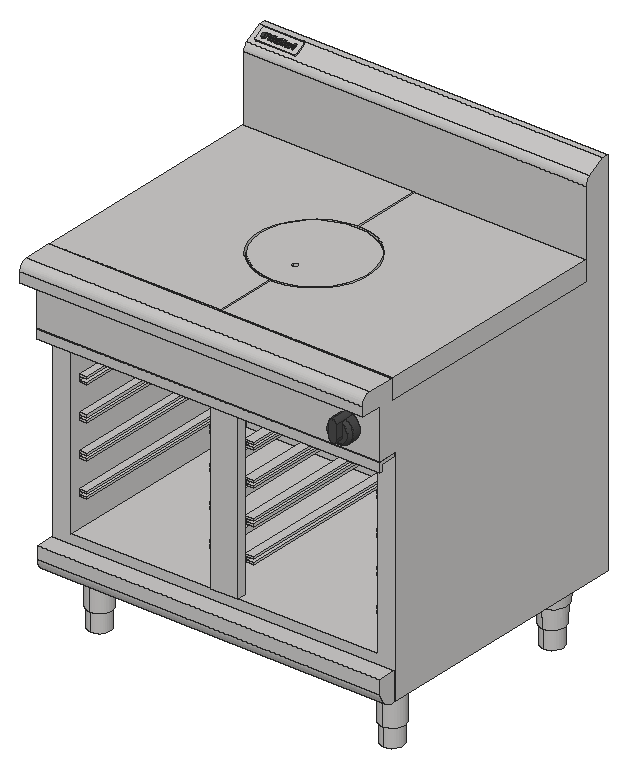
Revit family "QF_MOFFAT WALDORF_RN8100G-CB", category Specialty Equipment, Revit 2012
Parameters
  Width = 900 mm
  Weight in Pounds = 489.4256
  URL Cutsheet = "www.moffat.com"
  URL = "www.moffat.com"
  Type Mark [instance] = ""
  Status [instance] = ""
  Specification by User [instance] = ""
  Specification by Manufacturer = ""
  Show Logo [instance] = yes
  Show Clearance [instance] = yes
  Serial Number = ""
  Seismic Rating = ""
  SMACNA No = ""
  Revision Code [instance] = ""
  Omniclass Number and Title = ""
  NAFEM Spec ID Number = ""
  Model = "RN8100G-CB"
  Mechanical Remarks = ""
  Mechanical Connection Type [instance] = ""
  Masterspec = ""
  Manufacturer = "MOFFAT WALDORF"
  Item Number [instance] = ""
  Installed By [instance] = ""
  Identify Quantity as Lot [instance] = yes
  Height = 1130 mm
  Gas Size = 3/4"
  Gas RI Height [instance] = 0 mm
  Gas KW [instance] = 12.5
  Gas Input [instance] = 42652.0 Btu/h
  Gas Connection Height = 0 mm
  Furnished By [instance] = ""
  Foodservice Equipment Identifier [instance] = yes
  Description = "TARGET TOP GAS HOB ON CABINET BASE"
  Depth = 805 mm
  CSI MasterFormat = ""
  CSI Master Format = ""
Reference planes
  plane 1 "BACK": y = 0
  plane 2: z = 0
  plane 3 "LEFT": x = 0
  plane 4 "RIGHT": x = 900
  plane 5 "FRONT": y = -805
  plane 6 "TOP": z = 1130
  plane 7 "Center Y": x = 450
  plane 8 "Center X": y = -402.5
  plane 9: x = 280
  plane 10: y = -574.272
  plane 11: x = 60
  plane 12: y = -304.972
  plane 13: y = -364.972
  plane 14: x = 74
  plane 15: y = -805
  plane 16: x = 834.5
  plane 17: y = -32
  plane 18: z = 655
Forms (mm)
  Extrusion 1, solid, material "QF_Finishes_Stainless Steel"
    sketch origin (0, 0, 0) x (0, 1, 0) y (0, 0, 1)
      loop
        line (0, 150) -> (0, 1130) -> (-16.5, 1130) -> (-58.709, 1105.631)
        arc (-58.709, 1105.631) -> (-66.975, 1097.365) -> (-70, 1086.074) r 22.582
        line (-70, 1086.074) -> (-70, 861.8) -> (-709, 861.8) -> (-709, 915) -> (-781, 915)
        arc (-781, 915) -> (-797.971, 907.971) -> (-805, 891) r 24
        line (-805, 891) -> (-805, 866) -> (-749, 866) -> (-749, 736.219) -> (-696.73, 736.219) -> (-696.73, 150) -> (0, 150)
      loop
        line (-700.93, 150.071) -> (-700.93, 222.5) -> (-746.73, 222.5) -> (-746.73, 188)
        arc (-746.73, 188) -> (-731.317, 159.995) -> (-700.93, 150.071) r 43.526
      loop
        line (-749, 710) -> (-742.613, 710) -> (-742.613, 726.999) -> (-700.93, 726.999) -> (-700.93, 734.003) -> (-749, 734.003) -> (-749, 710)
    from 0 to 900
  Extrusion 2, solid, material "QF_Finishes_Stainless Steel"
    sketch origin (0, 0, 0) x (0, 1, 0) y (0, 0, 1)
      loop
        line (-72.734, 915) -> (-705.7, 915) -> (-705.7, 862.8) -> (-72.734, 862.8) -> (-72.734, 915)
    from 0 to 900
  Revolve 3, solid, material "QF_Finishes_Black"
    sketch origin (824.351, 38.874, 1.132) x (0, 1, 0) y (0, 0, 1)
      loop
        line (-820.874, 829.5) -> (-831.874, 823.651) -> (-831.874, 797) -> (-787.874, 797) -> (-787.874, 802) -> (-797.874, 802) -> (-797.874, 829.5) -> (-820.874, 829.5)
      axis (-831.874, 797) -> (-787.874, 797)
    angle from 0 to 360
  Extrusion 4, solid, material "QF_Finishes_Black"
    sketch origin (676.544, 0, 1.132) x (1, 0, 0) y (0, 0, 1)
      loop
        line (158.3, 789) -> (158.3, 824)
        arc (158.3, 824) -> (148.3, 834) -> (138.3, 824) r 10
        line (138.3, 824) -> (138.3, 789)
        arc (138.3, 789) -> (148.3, 779) -> (158.3, 789) r 10
    from 759 to 808
  Extrusion 5, void
    sketch origin (0, -138, 915) x (1, 0, 0) y (0, -1, 0)
      loop
        circle (450, 262.2) r 140
      loop
        arc (452.2, 117.22) -> (594.802, 262.404) -> (451.798, 407.193) r 145.003
        line (451.798, 407.193) -> (451.798, 567.7) -> (447.7, 567.7) -> (447.7, 407.17)
        arc (447.7, 407.17) -> (305.533, 262.063) -> (447.967, 117.217) r 145.002
        line (447.967, 117.217) -> (447.967, -65.266) -> (452.2, -65.266) -> (452.2, 117.22)
      loop
        circle (450, 324.79) r 7.524
    from 0 to 10
  Revolve 6, solid, material "QF_Finishes_Stainless Steel"
    sketch origin (834.5, -165, 0) x (0, 1, 0) y (0, 0, -1)
      loop
        line (33.25, -50) -> (31.418, -102.468) -> (26.406, -102.468) -> (22.247, -150) -> (65, -150) -> (65, 0) -> (37.5, 0) -> (37.5, -50) -> (33.25, -50)
      axis (65, -150) -> (65, 0)
    angle from 0 to 360
  Revolve 7, solid, material "QF_Finishes_Stainless Steel"
    sketch origin (834.5, -696.126, 0) x (0, 1, 0) y (0, 0, -1)
      loop
        line (39.376, -150) -> (71.126, -150) -> (71.126, 0) -> (43.626, 0) -> (43.626, -50) -> (39.376, -50) -> (39.376, -150)
      axis (71.126, -150) -> (71.126, 0)
    angle from 0 to 360
  Revolve 8, solid, material "QF_Finishes_Stainless Steel"
    sketch origin (65.5, -165, 0) x (0, 1, 0) y (0, 0, 1)
      loop
        line (31.418, 102.468) -> (33.25, 50) -> (37.5, 50) -> (37.5, 0) -> (65, 0) -> (65, 150) -> (22.247, 150) -> (26.406, 102.468) -> (31.418, 102.468)
      axis (65, 150) -> (65, 0)
    angle from 0 to 360
  Revolve 9, solid, material "QF_Finishes_Stainless Steel"
    sketch origin (65.5, -696.126, 0) x (0, 1, 0) y (0, 0, 1)
      loop
        line (39.376, 150) -> (39.376, 50) -> (43.626, 50) -> (43.626, 0) -> (71.126, 0) -> (71.126, 150) -> (39.376, 150)
      axis (71.126, 150) -> (71.126, 0)
    angle from 0 to 360
  Extrusion 10, solid, material "QF_Finishes_Stainless Steel"
    sketch origin (-64.5, 0, 325) x (1, 0, 0) y (0, 1, 0)
      loop
        circle (834.5, -32) r 10
    from 330 to 411.219
  Extrusion 11, void
    sketch origin (0, -696.73, 640) x (0, 0, -1) y (-1, 0, 0)
      loop
        line (395.98, -46.922) -> (-39.02, -46.922) -> (-39.02, -853.078) -> (395.98, -853.078) -> (395.98, -46.922)
    from 0 to 573.593
  Extrusion 12, solid, material "QF_Finishes_Stainless Steel"
    sketch origin (0, -696.73, 640) x (0, 0, 1) y (-1, 0, 0)
      loop
        line (39.02, -485) -> (39.02, -415) -> (-395.98, -415) -> (-395.98, -485) -> (39.02, -485)
    from 0 to -25
  Extrusion 13, solid, material "QF_Finishes_Stainless Steel"
    sketch origin (0, -696.73, 640) x (0, 0, 1) y (-1, 0, 0)
      loop
        line (-30, -415) -> (-30, -392.5) -> (-35, -392.5) -> (-35, -410) -> (-42.5, -410) -> (-42.5, -392.5) -> (-47.5, -392.5) -> (-47.5, -415) -> (-30, -415)
      loop
        line (-120, -415) -> (-120, -392.5) -> (-125, -392.5) -> (-125, -410) -> (-132.5, -410) -> (-132.5, -392.5) -> (-137.5, -392.5) -> (-137.5, -415) -> (-120, -415)
      loop
        line (-210, -415) -> (-210, -392.5) -> (-215, -392.5) -> (-215, -410) -> (-222.5, -410) -> (-222.5, -392.5) -> (-227.5, -392.5) -> (-227.5, -415) -> (-210, -415)
      loop
        line (-300, -415) -> (-300, -392.5) -> (-305, -392.5) -> (-305, -410) -> (-312.5, -410) -> (-312.5, -392.5) -> (-317.5, -392.5) -> (-317.5, -415) -> (-300, -415)
      loop
        line (-30, -485) -> (-47.5, -485) -> (-47.5, -507.5) -> (-42.5, -507.5) -> (-42.5, -490) -> (-35, -490) -> (-35, -507.5) -> (-30, -507.5) -> (-30, -485)
      loop
        line (-120, -485) -> (-137.5, -485) -> (-137.5, -507.5) -> (-132.5, -507.5) -> (-132.5, -490) -> (-125, -490) -> (-125, -507.5) -> (-120, -507.5) -> (-120, -485)
      loop
        line (-210, -485) -> (-227.5, -485) -> (-227.5, -507.5) -> (-222.5, -507.5) -> (-222.5, -490) -> (-215, -490) -> (-215, -507.5) -> (-210, -507.5) -> (-210, -485)
      loop
        line (-300, -485) -> (-317.5, -485) -> (-317.5, -507.5) -> (-312.5, -507.5) -> (-312.5, -490) -> (-305, -490) -> (-305, -507.5) -> (-300, -507.5) -> (-300, -485)
      loop
        line (-30, -46.922) -> (-47.5, -46.922) -> (-47.5, -69.422) -> (-42.5, -69.422) -> (-42.5, -51.922) -> (-35, -51.922) -> (-35, -69.422) -> (-30, -69.422) -> (-30, -46.922)
      loop
        line (-120, -46.922) -> (-137.5, -46.922) -> (-137.5, -69.422) -> (-132.5, -69.422) -> (-132.5, -51.922) -> (-125, -51.922) -> (-125, -69.422) -> (-120, -69.422) -> (-120, -46.922)
      loop
        line (-210, -46.922) -> (-227.5, -46.922) -> (-227.5, -69.422) -> (-222.5, -69.422) -> (-222.5, -51.922) -> (-215, -51.922) -> (-215, -69.422) -> (-210, -69.422) -> (-210, -46.922)
      loop
        line (-300, -46.922) -> (-317.5, -46.922) -> (-317.5, -69.422) -> (-312.5, -69.422) -> (-312.5, -51.922) -> (-305, -51.922) -> (-305, -69.422) -> (-300, -69.422) -> (-300, -46.922)
      loop
        line (-30, -853.078) -> (-30, -830.578) -> (-35, -830.578) -> (-35, -848.078) -> (-42.5, -848.078) -> (-42.5, -830.578) -> (-47.5, -830.578) -> (-47.5, -853.078) -> (-30, -853.078)
      loop
        line (-120, -853.078) -> (-120, -830.578) -> (-125, -830.578) -> (-125, -848.078) -> (-132.5, -848.078) -> (-132.5, -830.578) -> (-137.5, -830.578) -> (-137.5, -853.078) -> (-120, -853.078)
      loop
        line (-210, -853.078) -> (-210, -830.578) -> (-215, -830.578) -> (-215, -848.078) -> (-222.5, -848.078) -> (-222.5, -830.578) -> (-227.5, -830.578) -> (-227.5, -853.078) -> (-210, -853.078)
      loop
        line (-300, -853.078) -> (-300, -830.578) -> (-305, -830.578) -> (-305, -848.078) -> (-312.5, -848.078) -> (-312.5, -830.578) -> (-317.5, -830.578) -> (-317.5, -853.078) -> (-300, -853.078)
    from -25 to -573.593
  Extrusion 14, void
    sketch origin (0, 0, 0) x (1, 0, 0) y (0, 1, 0)
      loop
        line (832.738, -87.26) -> (832.738, 30.24) -> (703.238, 30.24) -> (703.238, -38.76) -> (751.738, -87.26) -> (832.738, -87.26)
    from 222.5 to 736.219
Cuts and joins
  Extrusion 5, Extrusion 11 cuts Extrusion 1
  Extrusion 5 cuts Extrusion 2
Lines and regions (mm)
  Split face 1
    outline origin (0, -16.5, 1130) x (0, -0.866025, -0.5) y (1, 0, 0)
      loop
        line (1.962, 129.583) -> (34.599, 129.583) -> (34.599, 149.583) -> (1.962, 149.583) -> (1.962, 129.583)
  Split face 2
    outline origin (0, -16.5, 1130) x (0, -0.866025, -0.5) y (1, 0, 0)
      loop
        line (34.599, 156.5) -> (34.599, 176.5) -> (1.962, 176.5) -> (1.962, 156.5) -> (34.599, 156.5)
  Split face 3
    outline origin (0, -16.5, 1130) x (0, -0.866025, -0.5) y (1, 0, 0)
      loop
        line (34.599, 203.5) -> (1.962, 203.5) -> (1.962, 183.5) -> (34.599, 183.5) -> (34.599, 203.5)
  Split face 4
    outline origin (0, -16.5, 1130) x (0, -0.866025, -0.5) y (1, 0, 0)
      loop
        line (34.599, 230.5) -> (1.962, 230.5) -> (1.962, 210.5) -> (34.599, 210.5) -> (34.599, 230.5)
  Split face 5
    outline origin (0, -16.5, 1130) x (0, -0.866025, -0.5) y (1, 0, 0)
      loop
        line (34.599, 257.5) -> (1.962, 257.5) -> (1.962, 237.5) -> (34.599, 237.5) -> (34.599, 257.5)
  Split face 6
    outline origin (0, -16.5, 1130) x (0, -0.866025, -0.5) y (1, 0, 0)
      loop
        line (34.599, 264.5) -> (34.599, 284.5) -> (1.962, 284.5) -> (1.962, 264.5) -> (34.599, 264.5)
  Split face 7
    outline origin (0, -16.5, 1130) x (0, -0.866025, -0.5) y (1, 0, 0)
      loop
        line (34.599, 311.5) -> (1.962, 311.5) -> (1.962, 291.5) -> (34.599, 291.5) -> (34.599, 311.5)
  Split face 8
    outline origin (0, -16.5, 1130) x (0, -0.866025, -0.5) y (1, 0, 0)
      loop
        line (1.962, 638.5) -> (1.962, 618.5) -> (34.599, 618.5) -> (34.599, 638.5) -> (1.962, 638.5)
  Split face 9
    outline origin (0, -16.5, 1130) x (0, -0.866025, -0.5) y (1, 0, 0)
      loop
        line (1.962, 645.5) -> (34.599, 645.5) -> (34.599, 665.5) -> (1.962, 665.5) -> (1.962, 645.5)
  Split face 10
    outline origin (0, -16.5, 1130) x (0, -0.866025, -0.5) y (1, 0, 0)
      loop
        line (34.599, 672.5) -> (34.599, 692.5) -> (1.962, 692.5) -> (1.962, 672.5) -> (34.599, 672.5)
  Split face 11
    outline origin (0, -16.5, 1130) x (0, -0.866025, -0.5) y (1, 0, 0)
      loop
        line (34.599, 699.5) -> (34.599, 719.5) -> (1.962, 719.5) -> (1.962, 699.5) -> (34.599, 699.5)
  Split face 12
    outline origin (0, -16.5, 1130) x (0, -0.866025, -0.5) y (1, 0, 0)
      loop
        line (34.599, 726.5) -> (34.599, 746.5) -> (1.962, 746.5) -> (1.962, 726.5) -> (34.599, 726.5)
  Split face 13
    outline origin (0, -16.5, 1130) x (0, -0.866025, -0.5) y (1, 0, 0)
      loop
        line (1.962, 753.5) -> (34.599, 753.5) -> (34.599, 773.5) -> (1.962, 773.5) -> (1.962, 753.5)
  Split face 14
    outline origin (29.312, -16.5, 1130) x (0, -0.866025, -0.5) y (1, 0, 0)
      loop
        line (34.599, 311.5) -> (1.962, 311.5) -> (1.962, 291.5) -> (34.599, 291.5) -> (34.599, 311.5)
  Split face 15
    outline origin (58.539, -16.5, 1130) x (0, -0.866025, -0.5) y (1, 0, 0)
      loop
        line (34.599, 311.5) -> (1.962, 311.5) -> (1.962, 291.5) -> (34.599, 291.5) -> (34.599, 311.5)
  Split face 16
    outline origin (85.538, -16.5, 1130) x (0, -0.866025, -0.5) y (1, 0, 0)
      loop
        line (34.599, 311.5) -> (1.962, 311.5) -> (1.962, 291.5) -> (34.599, 291.5) -> (34.599, 311.5)
  Split face 17
    outline origin (111.014, -16.5, 1130) x (0, -0.866025, -0.5) y (1, 0, 0)
      loop
        line (34.599, 311.5) -> (1.962, 311.5) -> (1.962, 291.5) -> (34.599, 291.5) -> (34.599, 311.5)
  Split face 18
    outline origin (137.462, -16.5, 1130) x (0, -0.866025, -0.5) y (1, 0, 0)
      loop
        line (34.599, 311.5) -> (1.962, 311.5) -> (1.962, 291.5) -> (34.599, 291.5) -> (34.599, 311.5)
  Split face 19
    outline origin (163.546, -16.5, 1130) x (0, -0.866025, -0.5) y (1, 0, 0)
      loop
        line (34.599, 311.5) -> (1.962, 311.5) -> (1.962, 291.5) -> (34.599, 291.5) -> (34.599, 311.5)
  Split face 20
    outline origin (189.443, -16.5, 1130) x (0, -0.866025, -0.5) y (1, 0, 0)
      loop
        line (34.599, 311.5) -> (1.962, 311.5) -> (1.962, 291.5) -> (34.599, 291.5) -> (34.599, 311.5)
  Split face 21
    outline origin (215.891, -16.5, 1130) x (0, -0.866025, -0.5) y (1, 0, 0)
      loop
        line (34.599, 311.5) -> (1.962, 311.5) -> (1.962, 291.5) -> (34.599, 291.5) -> (34.599, 311.5)
  Split face 22
    outline origin (246.196, -16.5, 1130) x (0, -0.866025, -0.5) y (1, 0, 0)
      loop
        line (34.599, 311.5) -> (1.962, 311.5) -> (1.962, 291.5) -> (34.599, 291.5) -> (34.599, 311.5)
  Split face 23
    outline origin (274.297, -16.5, 1130) x (0, -0.866025, -0.5) y (1, 0, 0)
      loop
        line (34.599, 311.5) -> (1.962, 311.5) -> (1.962, 291.5) -> (34.599, 291.5) -> (34.599, 311.5)
  Split face 24
    outline origin (299.643, -16.5, 1130) x (0, -0.866025, -0.5) y (1, 0, 0)
      loop
        line (34.599, 311.5) -> (1.962, 311.5) -> (1.962, 291.5) -> (34.599, 291.5) -> (34.599, 311.5)
  symbolic lines
    curve 1: line (0, 0, 0) -> (0, -805, 0)
    curve 2: line (900, 0, 0) -> (0, 0, 0)
    curve 3: line (900, -805, 0) -> (900, 0, 0)
    curve 4: line (0, -70, 0) -> (900, -70, 0)
    curve 5: line (12.5, -51.234, 0) -> (12.5, -20.958, 0)
    curve 6: line (12.5, -20.958, 0) -> (121.5, -20.958, 0)
    curve 7: line (12.5, -51.234, 0) -> (121.5, -51.234, 0)
    curve 8: line (121.5, -20.958, 0) -> (121.5, -51.234, 0)
    curve 9: line (129.583, -22.262, 0) -> (129.583, -50.526, 0)
    curve 10: line (129.583, -50.526, 0) -> (149.583, -50.526, 0)
    curve 11: line (149.583, -50.526, 0) -> (149.583, -22.262, 0)
    curve 12: line (149.583, -22.262, 0) -> (129.583, -22.262, 0)
    curve 13: line (156.5, -22.262, 0) -> (156.5, -50.526, 0)
    curve 14: line (156.5, -50.526, 0) -> (176.5, -50.526, 0)
    curve 15: line (176.5, -50.526, 0) -> (176.5, -22.262, 0)
    curve 16: line (176.5, -22.262, 0) -> (156.5, -22.262, 0)
    curve 17: line (183.5, -22.262, 0) -> (183.5, -50.526, 0)
    curve 18: line (183.5, -50.526, 0) -> (203.5, -50.526, 0)
    curve 19: line (203.5, -50.526, 0) -> (203.5, -22.262, 0)
    curve 20: line (203.5, -22.262, 0) -> (183.5, -22.262, 0)
    curve 21: line (210.5, -22.262, 0) -> (210.5, -50.526, 0)
    curve 22: line (210.5, -50.526, 0) -> (230.5, -50.526, 0)
    curve 23: line (230.5, -50.526, 0) -> (230.5, -22.262, 0)
    curve 24: line (230.5, -22.262, 0) -> (210.5, -22.262, 0)
    curve 25: line (900, -805, 0) -> (0, -805, 0)
    curve 26: line (237.5, -22.262, 0) -> (237.5, -50.526, 0)
    curve 27: line (237.5, -50.526, 0) -> (257.5, -50.526, 0)
    curve 28: line (257.5, -50.526, 0) -> (257.5, -22.262, 0)
    curve 29: line (257.5, -22.262, 0) -> (237.5, -22.262, 0)
    curve 30: line (264.417, -22.262, 0) -> (264.417, -50.526, 0)
    curve 31: line (264.417, -50.526, 0) -> (284.417, -50.526, 0)
    curve 32: line (284.417, -50.526, 0) -> (284.417, -22.262, 0)
    curve 33: line (284.417, -22.262, 0) -> (264.417, -22.262, 0)
    curve 34: line (291.417, -22.262, 0) -> (291.417, -50.526, 0)
    curve 35: line (291.417, -50.526, 0) -> (311.417, -50.526, 0)
    curve 36: line (311.417, -50.526, 0) -> (311.417, -22.262, 0)
    curve 37: line (311.417, -22.262, 0) -> (291.417, -22.262, 0)
    curve 38: line (318.417, -22.262, 0) -> (318.417, -50.526, 0)
    curve 39: line (318.417, -50.526, 0) -> (338.417, -50.526, 0)
    curve 40: line (338.417, -50.526, 0) -> (338.417, -22.262, 0)
    curve 41: line (338.417, -22.262, 0) -> (318.417, -22.262, 0)
    curve 42: line (350.039, -22.262, 0) -> (350.039, -50.526, 0)
    curve 43: line (350.039, -50.526, 0) -> (370.039, -50.526, 0)
    curve 44: line (370.039, -50.526, 0) -> (370.039, -22.262, 0)
    curve 45: line (370.039, -22.262, 0) -> (350.039, -22.262, 0)
    curve 46: line (376.956, -22.262, 0) -> (376.956, -50.526, 0)
    curve 47: line (376.956, -50.526, 0) -> (396.956, -50.526, 0)
    curve 48: line (396.956, -50.526, 0) -> (396.956, -22.262, 0)
    curve 49: line (396.956, -22.262, 0) -> (376.956, -22.262, 0)
    curve 50: line (403.956, -22.262, 0) -> (403.956, -50.526, 0)
    curve 51: line (403.956, -50.526, 0) -> (423.956, -50.526, 0)
    curve 52: line (423.956, -50.526, 0) -> (423.956, -22.262, 0)
    curve 53: line (423.956, -22.262, 0) -> (403.956, -22.262, 0)
    curve 54: line (430.956, -22.262, 0) -> (430.956, -50.526, 0)
    curve 55: line (430.956, -50.526, 0) -> (450.956, -50.526, 0)
    curve 56: line (450.956, -50.526, 0) -> (450.956, -22.262, 0)
    curve 57: line (450.956, -22.262, 0) -> (430.956, -22.262, 0)
    curve 58: line (457.956, -22.262, 0) -> (457.956, -50.526, 0)
    curve 59: line (457.956, -50.526, 0) -> (477.956, -50.526, 0)
    curve 60: line (477.956, -50.526, 0) -> (477.956, -22.262, 0)
    curve 61: line (477.956, -22.262, 0) -> (457.956, -22.262, 0)
    curve 62: line (484.872, -22.262, 0) -> (484.872, -50.526, 0)
    curve 63: line (484.872, -50.526, 0) -> (504.872, -50.526, 0)
    curve 64: line (504.872, -50.526, 0) -> (504.872, -22.262, 0)
    curve 65: line (504.872, -22.262, 0) -> (484.872, -22.262, 0)
    curve 66: line (511.872, -22.262, 0) -> (511.872, -50.526, 0)
    curve 67: line (511.872, -50.526, 0) -> (531.872, -50.526, 0)
    curve 68: line (531.872, -50.526, 0) -> (531.872, -22.262, 0)
    curve 69: line (531.872, -22.262, 0) -> (511.872, -22.262, 0)
    curve 70: line (538.872, -22.262, 0) -> (538.872, -50.526, 0)
    curve 71: line (538.872, -50.526, 0) -> (558.872, -50.526, 0)
    curve 72: line (558.872, -50.526, 0) -> (558.872, -22.262, 0)
    curve 73: line (558.872, -22.262, 0) -> (538.872, -22.262, 0)
    curve 74: line (565.797, -22.262, 0) -> (565.797, -50.526, 0)
    curve 75: line (565.797, -50.526, 0) -> (585.797, -50.526, 0)
    curve 76: line (585.797, -50.526, 0) -> (585.797, -22.262, 0)
    curve 77: line (585.797, -22.262, 0) -> (565.797, -22.262, 0)
    curve 78: line (592.714, -22.262, 0) -> (592.714, -50.526, 0)
    curve 79: line (592.714, -50.526, 0) -> (612.714, -50.526, 0)
    curve 80: line (612.714, -50.526, 0) -> (612.714, -22.262, 0)
    curve 81: line (612.714, -22.262, 0) -> (592.714, -22.262, 0)
    curve 82: line (619.714, -22.262, 0) -> (619.714, -50.526, 0)
    curve 83: line (619.714, -50.526, 0) -> (639.714, -50.526, 0)
    curve 84: line (639.714, -50.526, 0) -> (639.714, -22.262, 0)
    curve 85: line (639.714, -22.262, 0) -> (619.714, -22.262, 0)
    curve 86: line (646.714, -22.262, 0) -> (646.714, -50.526, 0)
    curve 87: line (646.714, -50.526, 0) -> (666.714, -50.526, 0)
    curve 88: line (666.714, -50.526, 0) -> (666.714, -22.262, 0)
    curve 89: line (666.714, -22.262, 0) -> (646.714, -22.262, 0)
    curve 90: line (673.714, -22.262, 0) -> (673.714, -50.526, 0)
    curve 91: line (673.714, -50.526, 0) -> (693.714, -50.526, 0)
    curve 92: line (693.714, -50.526, 0) -> (693.714, -22.262, 0)
    curve 93: line (693.714, -22.262, 0) -> (673.714, -22.262, 0)
    curve 94: line (700.631, -22.262, 0) -> (700.631, -50.526, 0)
    curve 95: line (700.631, -50.526, 0) -> (720.631, -50.526, 0)
    curve 96: line (720.631, -50.526, 0) -> (720.631, -22.262, 0)
    curve 97: line (720.631, -22.262, 0) -> (700.631, -22.262, 0)
    curve 98: line (727.631, -22.262, 0) -> (727.631, -50.526, 0)
    curve 99: line (727.631, -50.526, 0) -> (747.631, -50.526, 0)
    curve 100: line (747.631, -50.526, 0) -> (747.631, -22.262, 0)
    curve 101: line (747.631, -22.262, 0) -> (727.631, -22.262, 0)
    curve 102: line (754.631, -22.262, 0) -> (754.631, -50.526, 0)
    curve 103: line (754.631, -50.526, 0) -> (774.631, -50.526, 0)
    curve 104: line (774.631, -50.526, 0) -> (774.631, -22.262, 0)
    curve 105: line (774.631, -22.262, 0) -> (754.631, -22.262, 0)
    curve 106: line (447.967, -72.734, 0) -> (447.967, -255.217, 0)
    curve 107: arc (452.2, -255.22, 0) -> (594.802, -400.404, 0) -> (451.798, -545.193, 0) r 145.003
    curve 108: line (452.2, -255.22, 0) -> (452.2, -72.734, 0)
    curve 109: arc (590, -400.2, 0) -> (450, -260.2, 0) -> (310, -400.2, 0) r 140
    curve 110: arc (447.7, -545.17, 0) -> (305.533, -400.063, 0) -> (447.967, -255.217, 0) r 145.002
    curve 111: arc (310, -400.2, 0) -> (450, -540.2, 0) -> (590, -400.2, 0) r 140
    curve 112: line (451.798, -705.7, 0) -> (451.798, -545.193, 0)
    curve 113: line (447.7, -545.17, 0) -> (447.7, -705.7, 0)
    curve 114: line (900, -709, 0) -> (0, -709, 0)
    curve 115: line (0, -705.7, 0) -> (900, -705.7, 0)
    curve 116: line (900, -72.734, 0) -> (0, -72.734, 0)
    curve 117: arc (442.476, -462.79, 0) -> (450, -455.266, 0) -> (457.524, -462.79, 0) r 7.524
    curve 118: arc (457.524, -462.79, 0) -> (450, -470.314, 0) -> (442.476, -462.79, 0) r 7.524
Dimensions and locks
  equal spacing: plane 3 "LEFT", plane 7 "Center Y", plane 4 "RIGHT"
  "Width": plane 3 "LEFT" to plane 4 "RIGHT"
  equal spacing: plane 5 "FRONT", plane 8 "Center X", plane 1 "BACK"
  plane 5 "FRONT" to plane 1 "BACK" = 805 mm  (x2)
  equal spacing: plane 4 "RIGHT", plane 7 "Center Y", plane 3 "LEFT"
  plane 4 "RIGHT" to plane 3 "LEFT" = 900 mm
  "Height": plane 6 "TOP" to level
  plane 10 to plane 1 "BACK" = 574.272 mm
  plane 12 to plane 1 "BACK" = 304.972 mm  (x2)
  plane 11 to plane 3 "LEFT" = 60 mm
  plane 14 to plane 3 "LEFT" = 74 mm
  plane 9 to plane 3 "LEFT" = 280 mm
  "Depth": plane 1 "BACK" to plane 15
  plane 15 to plane 5 "FRONT" = 0 mm
  plane 6 "TOP" to plane 2 = 1130 mm
  cut or joined group of Extrusion 1, Extrusion 5, Extrusion 11 to level = 915 mm
  level to cut or joined group of Extrusion 1, Extrusion 5, Extrusion 11 = 150 mm
  aligned and locked: level to plane 2
  aligned and locked: curve 3 to plane 4 "RIGHT"
  aligned and locked: Extrusion 1 to Extrusion 2  (x2)
  aligned and locked: cut or joined group of Extrusion 1, Extrusion 5, Extrusion 11 to Extrusion 13
Automatic sketch dimensions
  Extrusion 1 to Split face 1 sketch curve = 1.962 mm
  Split face 1 sketch curve to Extrusion 1 = 14.14 mm
  Split face 1 sketch curve to Extrusion 1 = 129.583 mm
  Split face 1 sketch curve to Split face 1 sketch curve = 20 mm
  Extrusion 1 to Split face 2 sketch curve = 1.962 mm
  Split face 2 sketch curve to Extrusion 1 = 14.14 mm
  Split face 2 sketch curve to Extrusion 1 = 156.5 mm
  Split face 2 sketch curve to Split face 2 sketch curve = 20 mm
  Extrusion 1 to Split face 3 sketch curve = 1.962 mm
  Split face 3 sketch curve to Extrusion 1 = 14.14 mm
  Split face 3 sketch curve to Extrusion 1 = 183.5 mm
  Split face 3 sketch curve to Split face 3 sketch curve = 20 mm
  Extrusion 1 to Split face 4 sketch curve = 1.962 mm
  Split face 4 sketch curve to Extrusion 1 = 14.14 mm
  Split face 4 sketch curve to Extrusion 1 = 210.5 mm
  Split face 4 sketch curve to Split face 4 sketch curve = 20 mm
  Extrusion 1 to Split face 5 sketch curve = 1.962 mm
  Split face 5 sketch curve to Extrusion 1 = 14.14 mm
  Split face 5 sketch curve to Extrusion 1 = 237.5 mm
  Split face 5 sketch curve to Split face 5 sketch curve = 20 mm
  Extrusion 1 to Split face 6 sketch curve = 1.962 mm
  Split face 6 sketch curve to Extrusion 1 = 14.14 mm
  Split face 6 sketch curve to Extrusion 1 = 264.5 mm
  Split face 6 sketch curve to Split face 6 sketch curve = 20 mm
  Extrusion 1 to Split face 7 sketch curve = 1.962 mm
  Split face 7 sketch curve to Extrusion 1 = 14.14 mm
  Split face 7 sketch curve to Extrusion 1 = 291.5 mm
  Split face 7 sketch curve to Split face 7 sketch curve = 20 mm
  Extrusion 1 to Split face 8 sketch curve = 1.962 mm
  Split face 8 sketch curve to Extrusion 1 = 14.14 mm
  Split face 8 sketch curve to Extrusion 1 = 281.5 mm
  Split face 8 sketch curve to Split face 8 sketch curve = 20 mm
  Extrusion 1 to Split face 9 sketch curve = 1.962 mm
  Split face 9 sketch curve to Extrusion 1 = 14.14 mm
  Split face 9 sketch curve to Extrusion 1 = 254.5 mm
  Split face 9 sketch curve to Split face 9 sketch curve = 20 mm
  Extrusion 1 to Split face 10 sketch curve = 1.962 mm
  Split face 10 sketch curve to Extrusion 1 = 14.14 mm
  Split face 10 sketch curve to Extrusion 1 = 227.5 mm
  Split face 10 sketch curve to Split face 10 sketch curve = 20 mm
  Extrusion 1 to Split face 11 sketch curve = 1.962 mm
  Split face 11 sketch curve to Extrusion 1 = 14.14 mm
  Split face 11 sketch curve to Extrusion 1 = 200.5 mm
  Split face 11 sketch curve to Split face 11 sketch curve = 20 mm
  Extrusion 1 to Split face 12 sketch curve = 1.962 mm
  Split face 12 sketch curve to Extrusion 1 = 14.14 mm
  Split face 12 sketch curve to Extrusion 1 = 173.5 mm
  Split face 12 sketch curve to Split face 12 sketch curve = 20 mm
  Extrusion 1 to Split face 13 sketch curve = 1.962 mm
  Split face 13 sketch curve to Extrusion 1 = 14.14 mm
  Split face 13 sketch curve to Extrusion 1 = 146.5 mm
  Split face 13 sketch curve to Split face 13 sketch curve = 20 mm
  Extrusion 2 sketch curve to plane 5 "FRONT" = 99.3 mm
  Extrusion 2 sketch curve to plane 17 = 40.734 mm
  plane 18 to Extrusion 2 sketch curve = 207.8 mm
  Extrusion 2 sketch curve to Extrusion 2 sketch curve = 52.2 mm
  Extrusion 1 to Split face 14 sketch curve = 1.962 mm
  Split face 14 sketch curve to Extrusion 1 = 14.14 mm
  Split face 14 sketch curve to Extrusion 1 = 320.812 mm
  Split face 14 sketch curve to Split face 14 sketch curve = 20 mm
  Extrusion 1 to Split face 15 sketch curve = 1.962 mm
  Split face 15 sketch curve to Extrusion 1 = 14.14 mm
  Split face 15 sketch curve to Extrusion 1 = 350.039 mm
  Split face 15 sketch curve to Split face 15 sketch curve = 20 mm
  Extrusion 1 to Split face 16 sketch curve = 1.962 mm
  Split face 16 sketch curve to Extrusion 1 = 14.14 mm
  Split face 16 sketch curve to Extrusion 1 = 377.038 mm
  Split face 16 sketch curve to Split face 16 sketch curve = 20 mm
  Extrusion 1 to Split face 17 sketch curve = 1.962 mm
  Split face 17 sketch curve to Extrusion 1 = 14.14 mm
  Split face 17 sketch curve to Extrusion 1 = 402.514 mm
  Split face 17 sketch curve to Split face 17 sketch curve = 20 mm
  Extrusion 1 to Split face 18 sketch curve = 1.962 mm
  Split face 18 sketch curve to Extrusion 1 = 14.14 mm
  Split face 18 sketch curve to Extrusion 1 = 428.962 mm
  Split face 18 sketch curve to Split face 18 sketch curve = 20 mm
  Extrusion 1 to Split face 19 sketch curve = 1.962 mm
  Split face 19 sketch curve to Extrusion 1 = 14.14 mm
  Split face 19 sketch curve to Extrusion 1 = 444.954 mm
  Split face 19 sketch curve to Split face 19 sketch curve = 20 mm
  Extrusion 1 to Split face 20 sketch curve = 1.962 mm
  Split face 20 sketch curve to Extrusion 1 = 14.14 mm
  Split face 20 sketch curve to Extrusion 1 = 419.057 mm
  Split face 20 sketch curve to Split face 20 sketch curve = 20 mm
  Extrusion 1 to Split face 21 sketch curve = 1.962 mm
  Split face 21 sketch curve to Extrusion 1 = 14.14 mm
  Split face 21 sketch curve to Extrusion 1 = 392.609 mm
  Split face 21 sketch curve to Split face 21 sketch curve = 20 mm
  Extrusion 1 to Split face 22 sketch curve = 1.962 mm
  Split face 22 sketch curve to Extrusion 1 = 14.14 mm
  Split face 22 sketch curve to Extrusion 1 = 362.304 mm
  Split face 22 sketch curve to Split face 22 sketch curve = 20 mm
  Extrusion 1 to Split face 23 sketch curve = 1.962 mm
  Split face 23 sketch curve to Extrusion 1 = 14.14 mm
  Split face 23 sketch curve to Extrusion 1 = 334.203 mm
  Split face 23 sketch curve to Split face 23 sketch curve = 20 mm
  Extrusion 1 to Split face 24 sketch curve = 1.962 mm
  Split face 24 sketch curve to Extrusion 1 = 14.14 mm
  Split face 24 sketch curve to Extrusion 1 = 308.857 mm
  Split face 24 sketch curve to Split face 24 sketch curve = 20 mm
  Revolve 3 sketch curve to plane 5 "FRONT" = 12 mm
  Revolve 3 sketch curve to Revolve 3 sketch curve = 0 mm  (x2)
  Revolve 3 sketch curve to Revolve 3 sketch curve = 11 mm
  Revolve 3 sketch curve to Revolve 3 sketch curve = 12.7 mm
  Revolve 3 sketch curve to Revolve 3 sketch curve = 23 mm
  Revolve 3 sketch curve to Revolve 3 sketch curve = 10 mm
  plane 18 to Revolve 3 sketch curve = 143.132 mm
  Revolve 3 sketch curve to Revolve 3 sketch curve = 5 mm
  Revolve 3 sketch curve to Revolve 3 sketch curve = 26.651 mm
  Revolve 3 sketch curve to Revolve 3 sketch curve = 5.849 mm
  Extrusion 4 sketch curve to plane 16 = 19.656 mm
  Extrusion 4 sketch curve to plane 16 = 9.656 mm
  plane 18 to Extrusion 4 sketch curve = 135.132 mm
  Extrusion 4 sketch curve to Extrusion 4 sketch curve = 35 mm
  Extrusion 5 sketch curve to Extrusion 2 = 0 mm
  Extrusion 2 to Extrusion 5 sketch curve = 0 mm
  Extrusion 2 to Extrusion 5 sketch curve = 160.53 mm
  Extrusion 2 to Extrusion 5 sketch curve = 447.7 mm
  Extrusion 2 to Extrusion 5 sketch curve = 447.967 mm
  Extrusion 5 sketch curve to Extrusion 5 sketch curve = 2.099 mm
  Extrusion 5 sketch curve to Extrusion 5 sketch curve = 0.201 mm  (x2)
  Extrusion 5 sketch curve to Extrusion 5 sketch curve = 0.535 mm
  Extrusion 5 sketch curve to Extrusion 5 sketch curve = 4.098 mm
  Extrusion 5 sketch curve to Extrusion 5 sketch curve = 4.232 mm
  Extrusion 5 sketch curve to Extrusion 5 sketch curve = 0.022 mm
  Extrusion 5 sketch curve to Extrusion 5 sketch curve = 82.38 mm
  Extrusion 5 sketch curve to Extrusion 5 sketch curve = 62.587 mm
  Extrusion 5 sketch curve to Extrusion 5 sketch curve = 0.003 mm
  Extrusion 5 sketch curve to Extrusion 5 sketch curve = 0.004 mm
  Revolve 7 sketch curve to level = 0 mm
  Revolve 7 sketch curve to plane 10 = 82.478 mm
  Revolve 7 sketch curve to Revolve 7 sketch curve = 4.25 mm
  Revolve 7 sketch curve to Revolve 7 sketch curve = 27.5 mm  (x2)
  level to Revolve 7 sketch curve = 50 mm
  Revolve 7 sketch curve to Revolve 7 sketch curve = 0 mm
  Revolve 7 sketch curve to Revolve 7 sketch curve = 100 mm
  Revolve 7 sketch curve to Revolve 7 sketch curve = 55 mm
  Revolve 9 sketch curve to level = 0 mm
  Revolve 9 sketch curve to plane 10 = 82.478 mm
  Revolve 9 sketch curve to Revolve 9 sketch curve = 4.25 mm
  Revolve 9 sketch curve to Revolve 9 sketch curve = 27.5 mm  (x2)
  Revolve 9 sketch curve to level = 55 mm
  Revolve 9 sketch curve to Revolve 9 sketch curve = 50 mm
  Revolve 9 sketch curve to Revolve 9 sketch curve = 0 mm
  Revolve 9 sketch curve to Revolve 9 sketch curve = 100 mm
  Extrusion 10 sketch curve to plane 17 = 0 mm
  Extrusion 10 sketch curve to plane 16 = 64.5 mm
  Revolve 8 sketch curve to level = 0 mm
  Revolve 8 sketch curve to plane 17 = 110.753 mm
  Revolve 8 sketch curve to Revolve 8 sketch curve = 0 mm  (x3)
  Revolve 8 sketch curve to Revolve 8 sketch curve = 4.159 mm
  Revolve 8 sketch curve to Revolve 8 sketch curve = 5.012 mm
  Revolve 8 sketch curve to Revolve 8 sketch curve = 1.832 mm
  Revolve 8 sketch curve to Revolve 8 sketch curve = 4.25 mm
  Revolve 8 sketch curve to Revolve 8 sketch curve = 42.753 mm
  Revolve 8 sketch curve to level = 55 mm
  Revolve 8 sketch curve to Revolve 8 sketch curve = 50 mm
  Revolve 8 sketch curve to Revolve 8 sketch curve = 52.468 mm
  Revolve 8 sketch curve to Revolve 8 sketch curve = 47.532 mm
  Revolve 6 sketch curve to level = 0 mm
  Revolve 6 sketch curve to plane 17 = 110.753 mm
  Revolve 6 sketch curve to Revolve 6 sketch curve = 4.159 mm
  Revolve 6 sketch curve to Revolve 6 sketch curve = 5.012 mm
  Revolve 6 sketch curve to Revolve 6 sketch curve = 1.832 mm
  Revolve 6 sketch curve to Revolve 6 sketch curve = 4.25 mm
  Revolve 6 sketch curve to Revolve 6 sketch curve = 42.753 mm
  Revolve 6 sketch curve to Revolve 6 sketch curve = 0 mm  (x2)
  level to Revolve 6 sketch curve = 50 mm
  Revolve 6 sketch curve to Revolve 6 sketch curve = 52.468 mm
  Revolve 6 sketch curve to Revolve 6 sketch curve = 47.532 mm
  Revolve 6 sketch curve to Revolve 6 sketch curve = 55 mm
  plane 1 "BACK" to curve 1 = 0 mm
  curve 1 to plane 3 "LEFT" = 0 mm
  curve 117 to plane 7 "Center Y" = 0 mm
  curve 111 to plane 7 "Center Y" = 0 mm
  plane 3 "LEFT" to curve 6 = 12.5 mm
  plane 17 to curve 8 = 11.042 mm
  plane 14 to curve 8 = 47.5 mm
  curve 7 to curve 9 = 8.083 mm
  curve 9 to curve 11 = 20 mm
  curve 10 to curve 13 = 6.917 mm
  curve 13 to curve 15 = 20 mm
  curve 15 to curve 20 = 7 mm
  curve 17 to curve 18 = 20 mm
  curve 19 to curve 24 = 7 mm
  curve 21 to curve 22 = 20 mm
  curve 23 to curve 26 = 7 mm
  plane 17 to curve 28 = 9.738 mm
  curve 26 to curve 28 = 20 mm
  curve 27 to curve 30 = 6.917 mm
  plane 9 to curve 32 = 4.417 mm
  curve 32 to curve 34 = 7 mm
  plane 8 "Center X" to curve 111 = 2.3 mm
  plane 9 to curve 111 = 30 mm
  curve 34 to curve 35 = 20 mm
  curve 35 to curve 39 = 7 mm
  plane 17 to curve 41 = 9.738 mm
  curve 38 to curve 41 = 20 mm
  curve 40 to curve 42 = 11.622 mm
  plane 17 to curve 45 = 9.738 mm
  curve 42 to curve 45 = 20 mm
  curve 43 to curve 47 = 6.917 mm
  curve 46 to curve 48 = 20 mm
  curve 47 to curve 51 = 7 mm
  curve 50 to curve 52 = 20 mm
  curve 51 to curve 55 = 7 mm
  curve 118 to plane 7 "Center Y" = 7.524 mm
  curve 110 to plane 7 "Center Y" = 2.3 mm
  curve 106 to plane 7 "Center Y" = 2.033 mm
  curve 107 to plane 7 "Center Y" = 0.201 mm
  plane 7 "Center Y" to curve 110 = 0.535 mm
  plane 7 "Center Y" to curve 55 = 0.956 mm
  plane 7 "Center Y" to curve 107 = 1.798 mm
  plane 7 "Center Y" to curve 108 = 2.2 mm
  curve 56 to curve 58 = 7 mm
  plane 17 to curve 60 = 9.738 mm
  curve 58 to curve 60 = 20 mm
  curve 60 to curve 62 = 6.917 mm
  curve 62 to curve 64 = 20 mm
  curve 63 to curve 66 = 7 mm
  plane 17 to curve 69 = 9.738 mm
  curve 66 to curve 69 = 20 mm
  curve 67 to curve 70 = 7 mm
  curve 70 to curve 72 = 20 mm
  curve 71 to curve 74 = 6.924 mm
  plane 17 to curve 76 = 9.738 mm
  curve 74 to curve 76 = 20 mm
  curve 76 to curve 78 = 6.917 mm
  curve 78 to curve 80 = 20 mm
  curve 79 to curve 82 = 7 mm
  curve 82 to curve 83 = 20 mm
  curve 84 to curve 86 = 7 mm
  curve 86 to curve 87 = 20 mm
  curve 88 to curve 90 = 7 mm
  curve 90 to curve 91 = 20 mm
  curve 92 to curve 97 = 6.917 mm
  plane 17 to curve 96 = 9.738 mm
  curve 94 to curve 96 = 20 mm
  curve 95 to curve 99 = 7 mm
  curve 98 to curve 99 = 20 mm
  curve 100 to curve 105 = 7 mm
  plane 17 to curve 105 = 9.738 mm
  curve 102 to curve 105 = 20 mm
  curve 3 to curve 114 = 96 mm
  curve 114 to curve 115 = 3.3 mm
  plane 10 to curve 107 = 29.08 mm
  curve 112 to curve 110 = 0.022 mm
  curve 117 to plane 8 "Center X" = 60.29 mm
  curve 107 to curve 109 = 0.003 mm
  curve 109 to curve 110 = 0.004 mm
  curve 106 to plane 17 = 40.734 mm
  curve 116 to curve 4 = 2.734 mm
  curve 5 to plane 17 = 19.234 mm
  curve 17 to plane 17 = 18.526 mm
  curve 26 to plane 17 = 18.526 mm
  curve 15 to curve 17 = 0 mm
  curve 27 to curve 30 = 0 mm
  curve 18 to curve 22 = 0 mm
  curve 11 to curve 13 = 0 mm
  curve 31 to curve 34 = 0 mm
  curve 35 to curve 38 = 0 mm
  curve 104 to plane 17 = 18.526 mm
  curve 39 to curve 42 = 0 mm
  curve 100 to curve 102 = 0 mm
  curve 43 to curve 46 = 0 mm
  curve 96 to curve 98 = 0 mm  (x2)
  curve 47 to curve 50 = 0 mm
  curve 92 to curve 94 = 0 mm
  curve 51 to curve 54 = 0 mm
  curve 88 to curve 90 = 0 mm  (x2)
  curve 55 to curve 58 = 0 mm
  curve 84 to curve 86 = 0 mm  (x2)
  curve 59 to curve 62 = 0 mm
  curve 80 to curve 82 = 0 mm  (x2)
  curve 63 to curve 66 = 0 mm
  curve 76 to curve 78 = 0 mm  (x2)
  curve 67 to curve 70 = 0 mm
  curve 68 to curve 73 = 0 mm
  curve 60 to curve 65 = 0 mm
  plane 17 to curve 57 = 9.738 mm
  plane 17 to curve 53 = 9.738 mm
  curve 44 to curve 49 = 0 mm
  plane 17 to curve 37 = 9.738 mm
  curve 28 to curve 33 = 0 mm
  plane 17 to curve 24 = 9.738 mm
  plane 17 to curve 20 = 9.738 mm
  plane 17 to curve 16 = 9.738 mm
  curve 12 to curve 6 = 1.304 mm
  Extrusion 1 to Extrusion 11 sketch curve = 57.199 mm
  Extrusion 11 sketch curve to Extrusion 1 = 46.922 mm  (x2)
  Extrusion 1 to Extrusion 11 sketch curve = 94.02 mm
  Extrusion 12 sketch curve to Extrusion 1 = 94.02 mm
  Extrusion 12 sketch curve to Extrusion 1 = 57.199 mm
  Extrusion 1 to Extrusion 12 sketch curve = 415 mm
  Extrusion 12 sketch curve to Extrusion 12 sketch curve = 70 mm
  Extrusion 1 to Extrusion 13 sketch curve = 46.922 mm  (x4)
  Extrusion 13 sketch curve to Extrusion 1 = 172.5 mm  (x3)
  Extrusion 13 sketch curve to Extrusion 13 sketch curve = 0 mm  (x23)
  Extrusion 13 sketch curve to Extrusion 13 sketch curve = 5 mm  (x48)
  Extrusion 13 sketch curve to Extrusion 13 sketch curve = 7.5 mm  (x16)
  Extrusion 13 sketch curve to Extrusion 13 sketch curve = 72.5 mm  (x12)
  Extrusion 13 sketch curve to Extrusion 13 sketch curve = 17.5 mm  (x16)
  Extrusion 13 sketch curve to Extrusion 13 sketch curve = 323.078 mm
  Extrusion 13 sketch curve to Extrusion 13 sketch curve = 70 mm  (x3)
  Extrusion 1 to Extrusion 13 sketch curve = 69.422 mm  (x2)
  plane 5 "FRONT" to curve 25 = 0 mm
  Extrusion 14 sketch curve to plane 1 "BACK" = 30.24 mm
  Extrusion 14 sketch curve to plane 16 = 131.262 mm
  Extrusion 14 sketch curve to Extrusion 14 sketch curve = 48.5 mm
  Extrusion 14 sketch curve to plane 16 = 1.762 mm
  Extrusion 14 sketch curve to plane 17 = 6.76 mm
  Extrusion 14 sketch curve to plane 17 = 55.26 mm
  Extrusion 1 sketch curve to plane 5 "FRONT" = 0 mm
  Extrusion 1 sketch curve to plane 6 "TOP" = 0 mm
  Extrusion 1 sketch curve to plane 1 "BACK" = 0 mm
  Extrusion 1 sketch curve to Extrusion 1 sketch curve = 24 mm
  Extrusion 1 sketch curve to Extrusion 1 sketch curve = 32 mm
  Extrusion 1 sketch curve to Extrusion 1 sketch curve = 0 mm
  Extrusion 1 sketch curve to plane 5 "FRONT" = 58.27 mm
  Extrusion 1 sketch curve to Extrusion 1 sketch curve = 6.387 mm
  Extrusion 1 sketch curve to Extrusion 1 sketch curve = 40 mm
  Extrusion 1 sketch curve to Extrusion 1 sketch curve = 43.174 mm
  Extrusion 1 sketch curve to Extrusion 1 sketch curve = 2.626 mm
  Extrusion 1 sketch curve to Extrusion 1 sketch curve = 41.683 mm
  Extrusion 1 sketch curve to Extrusion 1 sketch curve = 4.2 mm
  Extrusion 1 sketch curve to plane 17 = 38 mm
  Extrusion 1 sketch curve to Extrusion 1 sketch curve = 11.291 mm
  Extrusion 1 sketch curve to plane 17 = 15.418 mm
  plane 17 to Extrusion 1 sketch curve = 15.5 mm
  Extrusion 1 sketch curve to plane 6 "TOP" = 24.369 mm
  Extrusion 1 sketch curve to plane 6 "TOP" = 215 mm
  Extrusion 1 sketch curve to Extrusion 1 sketch curve = 25 mm
  plane 18 to Extrusion 1 sketch curve = 206.8 mm
  plane 18 to Extrusion 1 sketch curve = 81.219 mm
  Extrusion 1 sketch curve to Extrusion 1 sketch curve = 2.216 mm
  Extrusion 1 sketch curve to Extrusion 1 sketch curve = 7.004 mm
  Extrusion 1 sketch curve to Extrusion 1 sketch curve = 16.999 mm
  level to Extrusion 1 sketch curve = 222.5 mm
  Extrusion 1 sketch curve to Extrusion 1 sketch curve = 28.982 mm
  Extrusion 1 sketch curve to Extrusion 1 sketch curve = 34.5 mm
  Extrusion 1 sketch curve to Extrusion 1 sketch curve = 0.071 mm
  radius of Extrusion 5 sketch curve = 140 mm
  radius of Extrusion 5 sketch curve = 7.524 mm
  radius of Extrusion 10 sketch curve = 10 mm
Nested families
  nested 1: "WALDORF LOGO_FACE BASE" at (12.5, -21.284, 1127.238) x (1, 0, 0) z (0, -0.5, 0.866), visible <- "Show Logo", type "WALDORF LOGO_FACE BASE", detail levels medium+fine
    with Show Logo yes
Connectors
  piping at (770, -32, 655)
    settings: on Extrusion 10, index 4, connector radius 0.37402", flow factor 0, pipe flow 0 GPM, pressure drop 0.00 psi, fitting loss kfactor 0, connector angle 0.00°, fixture units 0, engagement length 0 mm, flow configuration 1, flow direction 1, fitting loss method 0, system type 7, joint type 0, gender type 0, connector reference index -1, connector utility 0, adjustable connector no, is connector primary yes, fitting loss table "", connector description "GAS CONNECTION"
Definition of nested family "WALDORF LOGO_FACE BASE"
  Parameters (values of type "WALDORF LOGO_FACE BASE")
    Show Logo [instance] = yes
    Default Elevation = 1219.2 mm
  Reference planes
    plane 1 "Center (Front/Back)": y = 0
    plane 2: z = 0
    plane 3 "Center (Left/Right)": x = 0
  Forms (mm)
    Extrusion 1, solid
      sketch origin (0, 0, 0) x (1, 0, 0) y (0, 1, 0)
        loop
          line (-1219.2, 1219.2) -> (-1219.2, -1219.2) -> (1219.2, -1219.2) -> (1219.2, 1219.2) -> (-1219.2, 1219.2)
      from 0 to -304.8
    Extrusion 2, solid, material "QF_Finishes_Stainless Steel", visible <- "Show Logo"
      sketch origin (0, -33.217, 0) x (1, 0, 0) y (0, 1, 0)
        loop
          arc (5, 34.14) -> (1.464, 32.676) -> (0, 29.14) r 5
          line (0, 29.14) -> (0, 5)
          arc (0, 5) -> (1.464, 1.464) -> (5, 0) r 5
          line (5, 0) -> (104, 0)
          arc (104, 0) -> (107.536, 1.464) -> (109, 5) r 5
          line (109, 5) -> (109, 29.14)
          arc (109, 29.14) -> (107.536, 32.676) -> (104, 34.14) r 5
          line (104, 34.14) -> (5, 34.14)
      from 0 to 1.588
    Extrusion 3, solid, material "QF_Finishes_Black", visible <- "Show Logo"
      sketch origin (0, -33.217, 1.588) x (1, 0, 0) y (0, 1, 0)
        loop
          line (24.772, 23.214) -> (27.992, 10.301) -> (31.551, 10.301) -> (33.443, 17.364) -> (35.205, 10.301) -> (39.332, 10.301) -> (42.077, 23.214) -> (38.352, 23.214) -> (36.676, 15.33) -> (35, 23.214) -> (31.752, 23.214) -> (30.076, 15.33) -> (28.4, 23.214) -> (24.772, 23.214)
        loop
          line (42.272, 17.055) -> (45.703, 17.055)
          spline (45.703, 17.055) -> (45.741, 17.285) -> (45.852, 17.499) -> (46.028, 17.682) -> (46.258, 17.823) -> (46.526, 17.912) -> (46.813, 17.942) -> (47.1, 17.912) -> (47.368, 17.823) -> (47.597, 17.682) -> (47.774, 17.499) -> (47.884, 17.285) -> (47.922, 17.055)
          line (47.922, 17.055) -> (47.922, 16.222)
          arc (47.922, 16.222) -> (45.742, 16.014) -> (43.665, 15.317) r 9.604
          arc (43.665, 15.317) -> (41.924, 12.809) -> (43.665, 10.301) r 2.677
          arc (43.665, 10.301) -> (45.527, 10.353) -> (47.332, 10.816) r 8.365
          line (47.332, 10.816) -> (48.092, 11.105) -> (48.092, 10.301) -> (51.817, 10.301) -> (51.817, 17.055)
          spline (51.817, 17.055) -> (51.654, 17.821) -> (51.178, 18.535) -> (50.419, 19.148) -> (49.431, 19.619) -> (48.28, 19.914) -> (47.044, 20.015) -> (45.809, 19.914) -> (44.658, 19.619) -> (43.67, 19.148) -> (42.911, 18.535) -> (42.434, 17.821) -> (42.272, 17.055)
        loop
          line (53.151, 23.214) -> (53.151, 10.301) -> (57.37, 10.301) -> (57.37, 23.214) -> (53.151, 23.214)
        loop
          line (64.874, 23.214) -> (64.874, 18.857)
          arc (64.874, 18.857) -> (58.083, 15.11) -> (64.874, 11.363) r 4.429
          line (64.874, 11.363) -> (64.874, 10.301) -> (68.378, 10.301) -> (68.378, 23.214) -> (64.874, 23.214)
        loop
          arc (64.874, 16.083) -> (61.41, 14.987) -> (64.874, 13.891) r 1.905
          line (64.874, 13.891) -> (64.874, 16.083)
        loop
          circle (74.623, 15.223) r 5
        loop
          spline (74.623, 17.856) -> (74.355, 17.766) -> (74.105, 17.503) -> (73.891, 17.084) -> (73.726, 16.539) -> (73.623, 15.904) -> (73.588, 15.223) -> (73.623, 14.541) -> (73.726, 13.906) -> (73.891, 13.361) -> (74.105, 12.942) -> (74.355, 12.679) -> (74.623, 12.59)
          spline (74.623, 12.59) -> (74.891, 12.679) -> (75.141, 12.942) -> (75.355, 13.361) -> (75.52, 13.906) -> (75.623, 14.541) -> (75.659, 15.223) -> (75.623, 15.904) -> (75.52, 16.539) -> (75.355, 17.084) -> (75.141, 17.503) -> (74.891, 17.766) -> (74.623, 17.856)
        loop
          line (81.255, 19.813) -> (81.255, 10.301) -> (84.834, 10.301) -> (84.834, 14.176)
          arc (84.834, 14.176) -> (85.854, 16.093) -> (88.013, 16.32) r 2.313
          line (88.013, 16.32) -> (88.013, 19.813) -> (87.161, 19.813)
          arc (87.161, 19.813) -> (85.526, 19.266) -> (84.549, 17.844) r 2.717
          line (84.549, 17.844) -> (84.549, 19.813) -> (81.255, 19.813)
        loop
          line (90.249, 19.813) -> (88.91, 19.813) -> (88.91, 17.614) -> (90.249, 17.614) -> (90.249, 10.301) -> (93.998, 10.301) -> (93.998, 17.614) -> (95.418, 17.614) -> (95.418, 19.813) -> (93.998, 19.813)
          arc (93.998, 19.813) -> (94.414, 20.817) -> (95.418, 21.233) r 1.42
          line (95.418, 21.233) -> (95.418, 23.602) -> (93.317, 23.602)
          arc (93.317, 23.602) -> (91.343, 22.903) -> (90.249, 21.118) r 3.137
          line (90.249, 21.118) -> (90.249, 19.813)
        loop
          arc (15.241, 23.571) -> (8.392, 16.525) -> (15.241, 9.479) r 7.049
          line (15.241, 9.479) -> (15.241, 23.571)
        loop
          line (15.641, 23.571) -> (15.641, 9.479)
          arc (15.641, 9.479) -> (22.49, 16.525) -> (15.641, 23.571) r 7.049
        loop
          arc (47.922, 14.711) -> (46.266, 13.749) -> (47.922, 12.787) r 1.107
          line (47.922, 12.787) -> (47.922, 14.711)
      from 0 to 0.2
  Dimensions and locks
    aligned and locked: plane 2 to Extrusion 1
    aligned and locked: level to Extrusion 1
